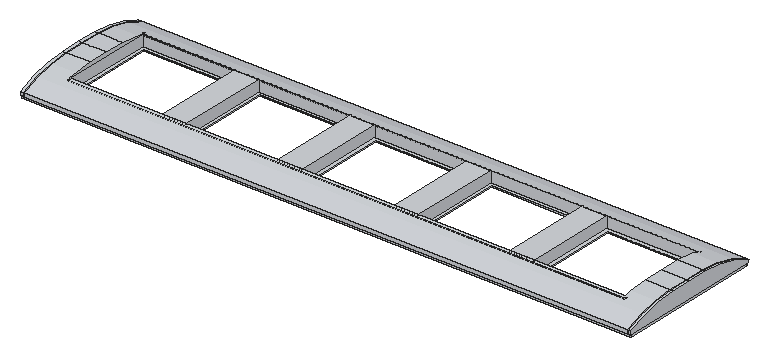
Revit family "Gira_0215326", category Electrical Fixtures, host Face, Revit 2017
Family settings
  Host = Face
  Maintain Annotation Orientation = No
  Round Connector Dimension = Use Diameter
  Part Type = Normal
  Cut with Voids When Loaded = No
  Shared = No
  Room Calculation Point = No
Parameters (values of type "Abdeckrahmen 5f Zwischenr. RW Gira Event F Alu")
  Werkstoffgüte = "Thermoplast"
  Werkstoff = "Kunststoff"
  URL = "http://katalog.gira.de/de_DE/datenblatt.html?artikelnr=0215326"
  Transparent = "No"
  Textfeld/Beschriftungsfläche = "No"
  Schutzart (IP) = "IP20"
  Region = "DE"
  Oberfläche = "sonstige"
  Name = "Abdeckrahmen 5f Zwischenr. RW Gira Event F Alu"
  Montagerichtung = "horizontal und vertikal"
  Mit Montagerahmen = "No"
  Mit Klappdeckel = "No"
  Manufacturer URL = "https://www.gira.de/"
  Keynote = "Event_Rahmen_5fach"
  HeinzeBIM = "https://bimportal.heinze.de/bim/abdeckrahmen-5f-zwischenr-rw-gira-event-f-alu/beade7150abb9380d01b293c1ff58b50d4b60a39"
  Halogenfrei = "Yes"
  HAN = "0215326"
  Geeignet für Unterputz-Installation = "Yes"
  Geeignet für Unterflurkanaldose = "No"
  Geeignet für Geräteeinbaukanal = "No"
  Geeignet für Einbauinstallation = "No"
  GTIN = "4010337074366"
  Farbe = "aluminium"
  Default Elevation = 1219.2 mm
  Data sheet (1) = "https://katalog.gira.de/de_DE/download.html?artikelnr=0215326"
  Category = "Abdeckrahmen"
  Available = "Yes"
  Anzahl der Einheiten vertikal = "5 "
  Anzahl der Einheiten horizontal = "5 "
  Anzahl der Einheiten = "5 "
Reference planes
  plane 1 "Center (Front/Back)": y = 0
  plane 2: z = 0
  plane 3 "Center (Left/Right)": x = 0
Forms (mm)
  Extrusion 1, solid, detail levels fine
    sketch origin (0, 0, 0.05) x (0, 1, 0) y (0, 0, 1)
      loop
        arc (12.445, 9.683) -> (6.223, 9.833) -> (0, 9.85) r 291.636
        arc (0, 9.85) -> (-6.223, 9.833) -> (-12.445, 9.683) r 291.636
        arc (-12.445, 9.683) -> (-29.14, 7.482) -> (-45, 1.823) r 79.728
        line (-45, 1.823) -> (-45, -0.05) -> (-42.086, -0.05)
        arc (-42.086, -0.05) -> (-21.385, 5.559) -> (0, 7.206) r 114.424
        arc (0, 7.206) -> (21.385, 5.559) -> (42.086, -0.05) r 114.424
        line (42.086, -0.05) -> (45, -0.05) -> (45, 1.823)
        arc (45, 1.823) -> (29.14, 7.482) -> (12.445, 9.683) r 79.728
    from -185.578 to 185.593
  Extrusion 2, void, detail levels fine
    sketch origin (0, 0, 0) x (1, 0, 0) y (0, 1, 0)
      loop
        line (170.607, 28) -> (-170.593, 28) -> (-170.593, -28) -> (170.607, -28) -> (170.607, 28)
    from 0.724 to 11
  Extrusion 3, solid, detail levels coarse
    sketch origin (0, 0, 0) x (1, 0, 0) y (0, 1, 0)
      loop
        line (-187.578, 45) -> (-187.578, -45) -> (187.593, -45) -> (187.593, 45) -> (-187.578, 45)
    from -1.5 to 9.9
  Extrusion 4, solid, detail levels medium
    sketch origin (0, 0, 0.05) x (0, 1, 0) y (0, 0, 1)
      loop
        arc (12.445, 9.683) -> (6.223, 9.833) -> (0, 9.85) r 291.636
        arc (0, 9.85) -> (-6.223, 9.833) -> (-12.445, 9.683) r 291.636
        arc (-12.445, 9.683) -> (-29.14, 7.482) -> (-45, 1.823) r 79.728
        line (-45, 1.823) -> (-45, -0.05) -> (45, -0.05) -> (45, 1.823)
        arc (45, 1.823) -> (29.14, 7.482) -> (12.445, 9.683) r 79.728
    from -187.578 to 187.593
  Extrusion 5, solid, detail levels fine
    sketch origin (-142.578, 0, -1.5) x (0, 1, 0) y (0, 0, -1)
      loop
        line (45, -3.373) -> (45, -1.5) -> (-45, -1.5) -> (-45, -3.373)
        arc (-45, -3.373) -> (-29.14, -9.032) -> (-12.445, -11.233) r 79.728
        arc (-12.445, -11.233) -> (-6.223, -11.383) -> (0, -11.4) r 291.636
        arc (0, -11.4) -> (6.223, -11.383) -> (12.445, -11.233) r 291.636
        arc (12.445, -11.233) -> (29.14, -9.032) -> (45, -3.373) r 79.728
    from 43 to 45
  Extrusion 6, solid, detail levels fine
    sketch origin (0, 0, 0) x (1, 0, 0) y (0, 1, 0)
      loop
        line (-168.493, 25.7) -> (-168.493, -25.7) -> (-116.693, -25.7) -> (-116.693, 25.7) -> (-168.493, 25.7)
      loop
        line (-45.398, -25.7) -> (-45.398, 25.7) -> (-97.198, 25.7) -> (-97.198, -25.7) -> (-45.398, -25.7)
      loop
        line (-171.487, 28.49) -> (-171.487, -28.495)
        spline (-171.487, -28.495) -> (-171.479, -28.625) -> (-171.453, -28.754) -> (-171.411, -28.878) -> (-171.353, -28.995) -> (-171.281, -29.104) -> (-171.194, -29.202) -> (-171.096, -29.288) -> (-170.987, -29.361) -> (-170.87, -29.419) -> (-170.746, -29.461) -> (-170.618, -29.486) -> (-170.487, -29.495)
        line (-170.487, -29.495) -> (170.502, -29.495)
        spline (170.502, -29.495) -> (170.633, -29.486) -> (170.761, -29.461) -> (170.885, -29.419) -> (171.002, -29.361) -> (171.111, -29.288) -> (171.209, -29.202) -> (171.296, -29.104) -> (171.368, -28.995) -> (171.426, -28.878) -> (171.468, -28.754) -> (171.494, -28.625) -> (171.502, -28.495)
        line (171.502, -28.495) -> (171.502, 28.49)
        spline (171.502, 28.49) -> (171.494, 28.62) -> (171.468, 28.748) -> (171.426, 28.872) -> (171.368, 28.99) -> (171.296, 29.098) -> (171.209, 29.197) -> (171.111, 29.283) -> (171.002, 29.356) -> (170.885, 29.413) -> (170.761, 29.456) -> (170.633, 29.481) -> (170.502, 29.49)
        line (170.502, 29.49) -> (-170.487, 29.49)
        spline (-170.487, 29.49) -> (-170.618, 29.481) -> (-170.746, 29.456) -> (-170.87, 29.413) -> (-170.987, 29.356) -> (-171.096, 29.283) -> (-171.194, 29.197) -> (-171.281, 29.098) -> (-171.353, 28.99) -> (-171.411, 28.872) -> (-171.453, 28.748) -> (-171.479, 28.62) -> (-171.487, 28.49)
      loop
        line (25.902, -25.7) -> (25.902, 25.7) -> (-25.898, 25.7) -> (-25.898, -25.7) -> (25.902, -25.7)
      loop
        line (97.207, -25.7) -> (97.207, 25.7) -> (45.407, 25.7) -> (45.407, -25.7) -> (97.207, -25.7)
      loop
        line (168.507, -25.7) -> (168.507, 25.7) -> (116.707, 25.7) -> (116.707, -25.7) -> (168.507, -25.7)
    from 0.1 to 7.3
  Extrusion 7, solid
    sketch origin (0, 0, 0) x (1, 0, 0) y (0, 1, 0)
      loop
        arc (-187.293, -44.218) -> (-187.146, -44.572) -> (-186.793, -44.718) r 0.5
        line (-186.793, -44.718) -> (186.807, -44.718)
        arc (186.807, -44.718) -> (187.161, -44.572) -> (187.307, -44.218) r 0.5
        line (187.307, -44.218) -> (187.307, 44.182)
        arc (187.307, 44.182) -> (187.161, 44.535) -> (186.807, 44.682) r 0.5
        line (186.807, 44.682) -> (-186.793, 44.682)
        arc (-186.793, 44.682) -> (-187.146, 44.535) -> (-187.293, 44.182) r 0.5
        line (-187.293, 44.182) -> (-187.293, -44.218)
      loop
        line (-185.593, 42.982) -> (-185.593, -43.018) -> (185.607, -43.018) -> (185.607, 42.982) -> (-185.593, 42.982)
    from -1.5 to 0.5
  Extrusion 8, solid, detail levels fine
    sketch origin (142.593, 0, -1.5) x (0, 1, 0) y (0, 0, 1)
      loop
        arc (45, 3.373) -> (29.14, 9.032) -> (12.445, 11.233) r 79.728
        arc (12.445, 11.233) -> (6.223, 11.383) -> (0, 11.4) r 291.636
        arc (0, 11.4) -> (-6.223, 11.383) -> (-12.445, 11.233) r 291.636
        arc (-12.445, 11.233) -> (-29.14, 9.032) -> (-45, 3.373) r 79.728
        line (-45, 3.373) -> (-45, 1.5) -> (45, 1.5) -> (45, 3.373)
    from 43 to 45
  Extrusion 9, solid, detail levels medium
    sketch origin (0, 0, 0) x (1, 0, 0) y (0, 1, 0)
      loop
        line (-187.293, -44.718) -> (187.307, -44.718) -> (187.307, 44.682) -> (-187.293, 44.682) -> (-187.293, -44.718)
    from -1.5 to 0.5
  Extrusion 10, solid, detail levels fine
    sketch origin (-105.5, 0, 0) x (1, 0, 0) y (0, 1, 0)
      loop
        line (-8.943, 28.063) -> (-8.943, -27.937) -> (6.057, -27.937) -> (6.057, 28.063) -> (-8.943, 28.063)
    from 0.724 to 7.566
  Extrusion 11, solid, detail levels fine
    sketch origin (-37.085, 0, 0) x (-1, 0, 0) y (0, -1, 0)
      loop
        line (-8.943, -28.063) -> (6.057, -28.063) -> (6.057, 27.937) -> (-8.943, 27.937) -> (-8.943, -28.063)
    from 0.724 to 7.566
  Extrusion 12, solid, detail levels fine
    sketch origin (105.5, 0, 0) x (-1, 0, 0) y (0, -1, 0)
      loop
        line (-8.943, -28.063) -> (6.057, -28.063) -> (6.057, 27.937) -> (-8.943, 27.937) -> (-8.943, -28.063)
    from 0.724 to 7.566
  Extrusion 13, solid, detail levels fine
    sketch origin (37.085, 0, 0) x (1, 0, 0) y (0, 1, 0)
      loop
        line (-8.943, 28.063) -> (-8.943, -27.937) -> (6.057, -27.937) -> (6.057, 28.063) -> (-8.943, 28.063)
    from 0.724 to 7.566
Cuts and joins
  Extrusion 2 cuts Extrusion 1
  Extrusion 2 cuts Extrusion 6
Dimensions and locks
  aligned and locked: plane 2 to host face
  aligned and locked: level to host face
